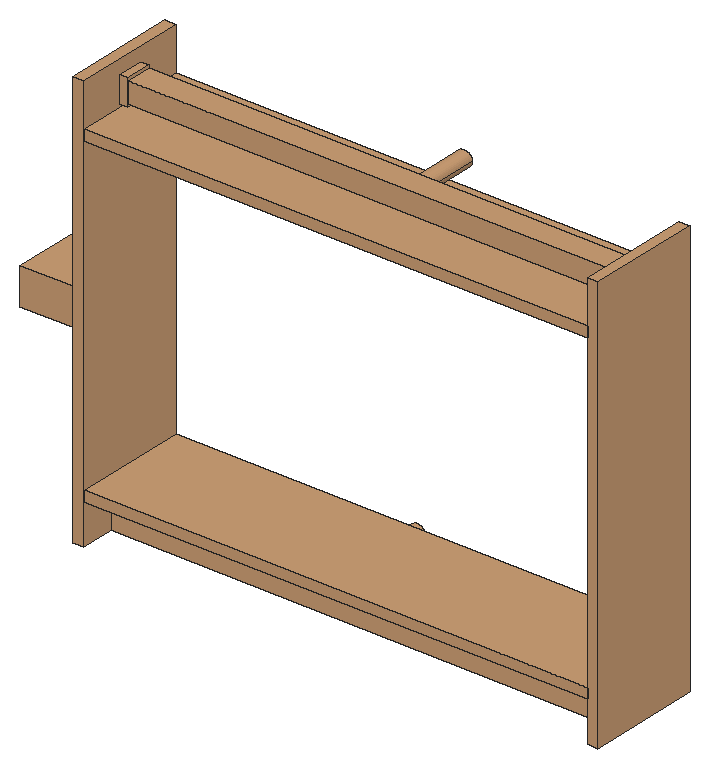
Revit family
Parameters
  Center Of Unit = 0' - 0"  # constant formula
  Water Pressure Drop [instance] = 0.00 psi
  Water Flow [instance] = 0 GPM
  Unit Weight (lbs) = 957
  URL = "http://www.ljwing.com/"
  Water Outlet Radius = 0' - 1 1/2"
  Water Outlet Odd sizes = 0' - 5 23/64"
  Total Heating Capacity [instance] = 0.0 Btu/h
  Temperature Rise [instance] = 0 °F
  Series = "VIFB"
  Outlet Area = 40.20 SF
  Number of Rows = 1  # constant formula
  Number of Coils [instance] = 0
  Nominal Length = 8' - 4 1/2"
  Model = "VD-9"
  Manufacturer = "LJ Wing"
  Leaving Water Temperature [instance] = 0 °F
  Leaving Air Temperature [instance] = 0 °F
  Face Velocity (FPM) [instance] = 0
  Entering Water Temperature [instance] = 0 °F
  Entering Air Temperature [instance] = 0 °F
  Description = "Vertical Integral Face & Bypass Water Heating Coils"
  Hot Water Odd Sizes = 0' - 5 23/64"
  Hot Water Inlet Offset = 0' - 4 3/8"  # constant formula
  Hot Water Inlet  Radius = 0' - 1 1/2"
  Coil Face Area = Outlet Area * 0.56  # 22.512 SF
  Casing Material = ""
  Assembly Code = "D3020300"
  Air Pressure Drop [instance] = 0.00 in-wg
  Air Inlet Width = Nominal Length - 0' 4"  # 8' - 0 1/2"
  Air Inlet Height = Y  # 5' - 0"
  Air Flow [instance] = 0 CFM
  Z = 0' - 2 1/8"
  Y = 5' - 0"
  S = 0' - 9 3/4"
  Product URL = "http://www.ljwing.com/html/vifb.asp"
  OmniClass = "23-75 70 21 14"
  Nominal Height = 6' - 8"
  Nominal Depth = 1' - 10"
  R = 0' - 10 1/4"
  Q = 0' - 5 1/4"
  P = 0' - 5 1/8"
  L = 0' - 5 15/16"
Reference planes (in)
  plane 1 "Center (Front/Back)": y = 0
  plane 2: z = -30
  plane 3 "Center (Left/Right)": x = 0
  plane 4: z = 40.25
  plane 5: x = -50.25
  plane 6: x = 50.25
  plane 7: z = -39.75
  plane 8: z = 0
  plane 9: y = -11
  plane 10: y = 11
  plane 11: z = 30
  plane 12: z = 32
  plane 13: z = -32
  plane 14: x = 48.25
  plane 15: x = -48.25
  plane 16: z = 35.125
  plane 17: z = -33.8125
  plane 18: x = -45
  plane 19: x = 45
  plane 20: y = 13.125
  plane 21: y = 15.375
  plane 22: x = -61.25
  plane 23: x = 5.35938
  plane 24: x = -5.35937
  plane 25: z = 37.125
  plane 26: z = 33.125
  plane 27: y = -2.5
  plane 28: y = 2.5
  plane 29: y = -4.5
Forms (in)
  Extrusion 1, solid, material "Painted Finish"
    sketch origin (0, 6, -9.75) x (1, 0, 0) y (0, 0, 1)
      loop
        line (-50.25, -30) -> (-48.25, -30) -> (-48.25, 50) -> (-50.25, 50) -> (-50.25, -30)
      loop
        line (50.25, -30) -> (50.25, 50) -> (48.25, 50) -> (48.25, -30) -> (50.25, -30)
    from -5 to 17
  Extrusion 2, solid, material "Painted Finish"
    sketch origin (0, 6, 0) x (1, 0, 0) y (0, 0, 1)
      loop
        line (48.25, -30) -> (-48.25, -30) -> (-48.25, -32) -> (48.25, -32) -> (48.25, -30)
      loop
        line (48.25, 30) -> (48.25, 32) -> (-48.25, 32) -> (-48.25, 30) -> (48.25, 30)
    from -5 to 17
  Extrusion 3, solid, material "Painted Finish"
    sketch origin (0, 10, -0.5) x (1, 0, 0) y (0, 0, 1)
      loop
        line (-50.25, 4) -> (-61.25, 4) -> (-61.25, -3) -> (-50.25, -3) -> (-50.25, 4)
    from 0 to 20
  Extrusion 4, solid, material "Painted Finish"
    sketch origin (0, 6, 0) x (1, 0, 0) y (0, 0, 1)
      loop
        line (-46.625, 37.125) -> (-46.625, 33.125) -> (46.625, 33.125) -> (46.625, 37.125) -> (-46.625, 37.125)
    from 3.5 to 8.5
  Extrusion 5, solid, material "Painted Finish"
    sketch origin (0, 0, 0) x (1, 0, 0) y (0, 0, 1)
      loop
        line (-46.625, 32.625) -> (-46.625, 37.625) -> (-48.25, 37.625) -> (-48.25, 32.625) -> (-46.625, 32.625)
      loop
        line (48.25, 32.625) -> (48.25, 37.625) -> (46.625, 37.625) -> (46.625, 32.625) -> (48.25, 32.625)
    from -2.5 to 2.5
  Extrusion 6, solid, material "Painted Finish"
    sketch origin (0, 23, 0) x (1, 0, 0) y (0, 0, 1)
      loop
        circle (5.35938, 35.125) r 1.5
    from 9.875 to 20.5
  Extrusion 7, solid, material "Painted Finish"
    sketch origin (0, 6, 0) x (1, 0, 0) y (0, 0, 1)
      loop
        line (-48.25, -32) -> (-48.25, -39.75) -> (48.25, -39.75) -> (48.25, -32) -> (-48.25, -32)
    from -5 to 10.5
  Extrusion 8, solid, material "Painted Finish"
    sketch origin (0, 23, 0) x (1, 0, 0) y (0, 0, 1)
      loop
        circle (-5.35937, -33.8125) r 1.5
    from 7.625 to 12
  Extrusion 9, void
    sketch origin (0, 0, 0) x (1, 0, 0) y (0, 0, 1)
      loop
        line (-48.25, 30) -> (-48.25, -30) -> (48.25, -30) -> (48.25, 30) -> (-48.25, 30)
    from -11 to 11
Cuts and joins
  Extrusion 9 cuts Extrusion 1
  Extrusion 9 cuts Extrusion 2
Dimensions and locks (in)
  "Nominal Length": plane 6 to plane 5
  equal spacing: plane 6, plane 3 "Center (Left/Right)", plane 5
  "S": plane 2 to plane 7
  "Nominal Depth": plane 10 to plane 9
  equal spacing: plane 10, plane 1 "Center (Front/Back)", plane 9
  "Y": plane 11 to plane 2
  "R": plane 4 to plane 11
  locked: plane 12 to plane 11 at 2
  locked: plane 2 to plane 13 at 2
  "P": plane 4 to plane 16
  "L": plane 17 to plane 7
  "Q": plane 18 to plane 5
  "Q": plane 6 to plane 19
  "Z": plane 20 to plane 10
  "Hot Water Inlet Offset": plane 21 to plane 10
  locked: plane 5 to plane 22 at 11
  locked: Extrusion 3 sketch curve to Extrusion 3 sketch curve at 7
  locked: Extrusion 3 to Extrusion 3 at 20
  locked: plane 6 to plane 14 at 2
  locked: plane 15 to plane 5 at 2
  "Water Outlet Odd sizes": plane 23 to plane 3 "Center (Left/Right)"
  "Hot Water Odd Sizes": plane 3 "Center (Left/Right)" to plane 24
  equal spacing: plane 25, plane 16, plane 26
  locked: Extrusion 5 sketch curve to plane 25 at 0.5
  locked: plane 26 to Extrusion 5 sketch curve at 0.5
  locked: Extrusion 6 sketch curve to plane 16 at 0
  locked: Extrusion 6 sketch curve to plane 23 at 0
  locked: Extrusion 8 sketch curve to plane 17 at 0
  locked: Extrusion 8 sketch curve to plane 24 at 0
  locked: plane 25 to plane 26 at 4
  locked: plane 28 to plane 27 at 5
  equal spacing: plane 28, plane 1 "Center (Front/Back)", plane 27
  locked: plane 27 to plane 29 at 2
  plane 4 to plane 7 = 6' - 8"
  locked: Extrusion 5 sketch curve to Extrusion 1 at 1.625
  locked: Extrusion 5 sketch curve to Extrusion 5 sketch curve at 1.625
  locked: Extrusion 9 sketch curve to plane 11 at 0
  locked: Extrusion 9 sketch curve to plane 15 at 0
  locked: Extrusion 9 sketch curve to plane 14 at 0
  locked: Extrusion 9 sketch curve to plane 2 at 0
  equal spacing: plane 11, plane 8, plane 2
  "Water Outlet Radius": radius of Extrusion 6 sketch curve
  "Hot Water Inlet  Radius": radius of Extrusion 8 sketch curve
  aligned and locked: Extrusion 1 to plane 9
  aligned and locked: Extrusion 1 to plane 10
  aligned and locked: Extrusion 1 to plane 15
  aligned and locked: Extrusion 1 to plane 14
  aligned and locked: Extrusion 2 to plane 9
  aligned and locked: plane 9 to Extrusion 1
  aligned and locked: plane 10 to Extrusion 1  (x2)
  aligned and locked: Extrusion 2 to plane 10
  aligned and locked: plane 10 to Extrusion 2  (x2)
  aligned and locked: plane 9 to Extrusion 2  (x2)
  aligned and locked: plane 5 to Extrusion 3
  aligned and locked: Extrusion 5 sketch curve to plane 15
  aligned and locked: Extrusion 5 sketch curve to Extrusion 4
  aligned and locked: Extrusion 6 to plane 20
  aligned and locked: Extrusion 1 to Extrusion 7
  aligned and locked: Extrusion 8 to plane 10
  aligned and locked: plane 21 to Extrusion 8
  aligned and locked: plane 27 to Extrusion 5
  aligned and locked: Extrusion 5 to Extrusion 4  (x2)
  aligned and locked: Extrusion 5 to plane 28
  aligned and locked: Extrusion 6 to Extrusion 4
  aligned and locked: Extrusion 7 to plane 29  (x2)
  aligned and locked: Extrusion 8 to Extrusion 7
  aligned and locked: Extrusion 4 to Extrusion 5  (x2)
  aligned and locked: Extrusion 5 to Extrusion 1  (x2)
  aligned and locked: plane 2 to Extrusion 2
  aligned and locked: Extrusion 1 sketch curve to plane 6
  aligned and locked: Extrusion 1 sketch curve to plane 14
  aligned and locked: Extrusion 1 sketch curve to plane 15
  aligned and locked: Extrusion 1 sketch curve to plane 5
  aligned and locked: plane 7 to Extrusion 1 sketch curve  (x2)
  aligned and locked: Extrusion 1 sketch curve to plane 4  (x2)
  aligned and locked: Extrusion 2 sketch curve to plane 11
  aligned and locked: Extrusion 2 sketch curve to plane 12
  aligned and locked: Extrusion 2 sketch curve to plane 14  (x2)
  aligned and locked: Extrusion 2 sketch curve to plane 15  (x2)
  aligned and locked: Extrusion 2 sketch curve to plane 13
  aligned and locked: plane 2 to Extrusion 2 sketch curve
  aligned and locked: plane 13 to Extrusion 7 sketch curve
  aligned and locked: Extrusion 7 sketch curve to plane 7
  aligned and locked: Extrusion 7 sketch curve to plane 14
  aligned and locked: Extrusion 7 sketch curve to plane 15
  aligned and locked: cut or joined group of Extrusion 1, Extrusion 9 to plane 10
  aligned and locked: Extrusion 8 to plane 21
Automatic sketch dimensions
  Extrusion 3 sketch curve to plane 22 = 0' - 0"
  Extrusion 3 sketch curve to plane 5 = 0' - 0"
  plane 8 to Extrusion 3 sketch curve = 0' - 3 1/2"
  Extrusion 4 sketch curve to plane 25 = 0' - 0"
  Extrusion 4 sketch curve to plane 26 = 0' - 0"
  Extrusion 4 sketch curve to plane 18 = 0' - 1 5/8"
  plane 19 to Extrusion 4 sketch curve = 0' - 1 5/8"
  plane 26 to Extrusion 5 sketch curve = 0' - 0 1/2"
  Extrusion 5 sketch curve to plane 25 = 0' - 0 1/2"
Connectors (in)
  hvac at (0, -11, 0), driven by "Air Inlet Height", driven by "Air Inlet Width", driven by "Air Flow", driven by "Air Pressure Drop"
    settings: on Extrusion 9, index 1
  hvac at (0, 11, 0), driven by "Air Pressure Drop", driven by "Air Inlet Height", driven by "Air Inlet Width", driven by "Air Flow"
    settings: on Extrusion 9, index 2
  piping at (5.35938, 13.125, 35.125), driven by "Water Flow", driven by "Water Outlet Radius", driven by "Water Pressure Drop"
    settings: on Extrusion 6, index 3
  piping at (-5.35937, 15.375, -33.8125), driven by "Water Flow", driven by "Water Pressure Drop", driven by "Hot Water Inlet  Radius"
    settings: on Extrusion 8, index 4
